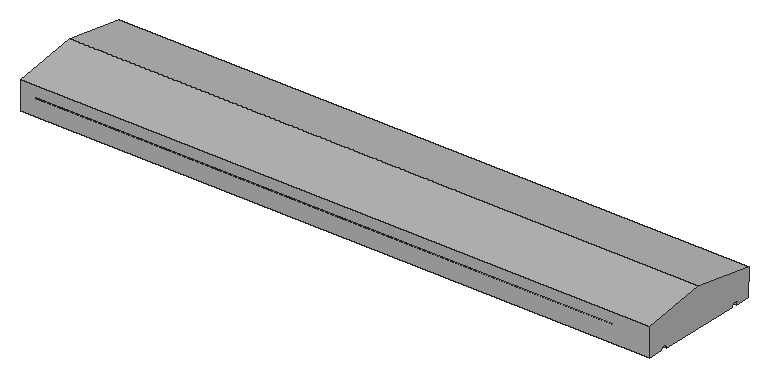
Revit family "WC418 Saddle Back", category Generic Models, Revit 2020
Family settings
  Can host rebar = No
  Round Connector Dimension = Use Diameter
  Part Type = Normal
  Work Plane-Based = No
  Always vertical = Yes
  Cut with Voids When Loaded = No
  Shared = No
  Room Calculation Point = No
Parameters
  Weight = "19Kg"
  Warranty Guarantor Parts = "n/a"
  Warranty Guarantor Labour = "n/a"
  Warranty Duration Unit = "n/a"
  Warranty Duration Parts = "n/a"
  Warranty Duration Labour = "n/a"
  Warranty Description = "n/a"
  Unit Width [instance] = 178 mm
  Unit Length [instance] = 914 mm
  Unit Height [instance] = 55 mm
  URL = "www.killeshal.com"
  Types = "Single"
  Type Comments = "Visit our website for a full list of available products."
  Sustainability Performance = "n/a"
  Structural Class = "n/a"
  Span = "Unit Length"
  Slope = "0.00°"
  Size = "178mm x 55 to 40mm"
  Shape = "As per drawing"
  Service Life = "0.000000"
  Serial Number = "n/a"
  Resistance to Fire = "n/a"
  Replacement Cost = "n/a"
  Reference = "n/a"
  Notified Body = "n/a"
  Nominal Cover to Main Bar = "n/a"
  Model = "W/C 418 Wall Cap."
  Mechanical Resistance = "n/a"
  Manufacturer = "Killeshal Precast Concrete Ltd."
  Load Bearing = no
  Life Cycle Environmental Load = "n/a"
  Length Options = "Stock size 914mm."
  Keynote = "The information contained is the sole property of KPC Ltd., any reproduction in part or whole without permission of KPC Ltd. is prohibited."
  Environmental Product Declaration = "n/a"
  Environmental Class = "n/a"
  Durability against Corrosion = "n/a"
  Dimension Accuracy Class = "n/a"
  Detailing = "As per design specification and product drawings."
  Description = "7\" Saddle Back Wall Cap"
  Default Elevation = 0 mm
  Dangerous Substances = "n/a"
  Contact Tel = "0035357 9353018"
  Contact Email = "sales@killeshal.com"
  Construction Type = "Precast"
  Construction Tolerance Class = "n/a"
  Compressive Strength of Concrete = "n/a"
  Characteristics of Reinforcing Steel = "n/a"
  Characteristics Deflection Under Load = "n/a"
Reference planes
  plane 1 "Center (Front/Back)": y = 0
  plane 2: z = 0
  plane 3 "Center (Left/Right)": x = 0
  plane 4 "Rear": y = 89
  plane 5 "Front": y = -89
  plane 6 "Top": z = 55
  plane 7 "Center L/T": z = 40
Forms (mm)
  Extrusion 1, solid, material "Precast Concrete (KPC)"
    sketch origin (0, 0, 0) x (0, 1, 0) y (0, 0, 1)
      loop
        line (-89, 40) -> (-89, 0) -> (-69, 0)
        arc (-69, 0) -> (-64, 5) -> (-59, 0) r 5
        line (-59, 0) -> (59, 0)
        arc (59, 0) -> (64, 5) -> (69, 0) r 5
        line (69, 0) -> (89, 0) -> (89, 40) -> (0, 55) -> (-89, 40)
    from 0 to 914
Dimensions and locks
  "Unit Length": Extrusion 1 to Extrusion 1
  "Unit Width": Extrusion 1 to Extrusion 1
  "Unit Height": plane 6 "Top" to Extrusion 1
  plane 7 "Center L/T" to Extrusion 1 = 40 mm
  aligned and locked: level to plane 2
Automatic sketch dimensions
  Extrusion 1 sketch curve to plane 5 "Front" = 0 mm
  Extrusion 1 sketch curve to level = 0 mm
  Extrusion 1 sketch curve to plane 1 "Center (Front/Back)" = 0 mm
  Extrusion 1 sketch curve to plane 4 "Rear" = 0 mm
  Extrusion 1 sketch curve to plane 7 "Center L/T" = 0 mm  (x2)
  Extrusion 1 sketch curve to plane 6 "Top" = 0 mm
  plane 5 "Front" to Extrusion 1 sketch curve = 20 mm
  Extrusion 1 sketch curve to Extrusion 1 sketch curve = 5 mm  (x2)
  Extrusion 1 sketch curve to Extrusion 1 sketch curve = 30 mm
